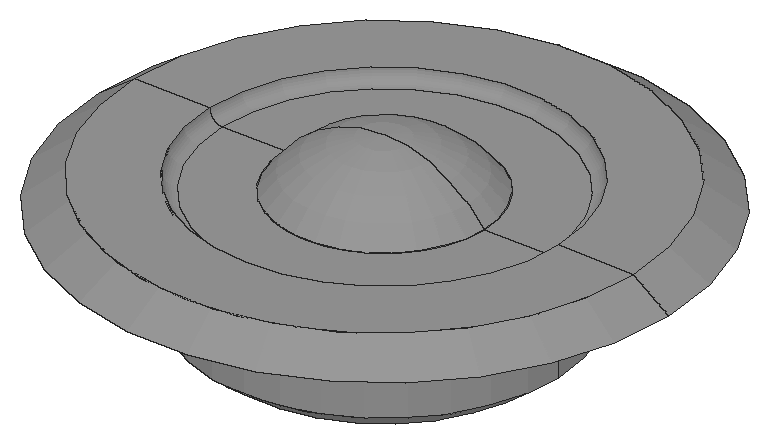
Revit family "2059461", category Lighting Fixtures, host Face, Revit 2016
Family settings
  Host = Face
  Part Type = Normal
  Round Connector Dimension = Use Diameter
  OmniClass Number = 23.80.70.00
  OmniClass Title = Lighting
  Cut with Voids When Loaded = No
  Light Source = Yes
  Shared = No
  Room Calculation Point = No
Parameters (values of type "2059461 ROUTELED II OPEN AREA DALI")
  Weight = "0.948 kg"
  Wattage Comments = ""
  Wattage = 2 W
  WarrantyStartDate [instance] = "n/a"
  WarrantyGuarantorParts = "n/a"
  WarrantyDurationUnit = "n/a"
  WarrantyDurationParts = "n/a"
  WarrantyDescription = "n/a"
  built-in parameter 1150110 = 1 (stored number, unit not read)
  Voltage = 0 V
  URL = "http://www.sylvania-lighting.com"
  TypeName = "ROUTELED II OPEN AREA DALI"
  Type Image = <None>
  Type Comments = "n/a"
  built-in parameter 1114217 = 1 (stored number, unit not read)
  Tilt Angle = -90.00°
  built-in parameter 1150109 = 1 (stored number, unit not read)
  built-in parameter 1150134 = 2
  built-in parameter 1150113 = 1 (stored number, unit not read)
  SerialNumber [instance] = "n/a"
  Photometric Web File = "2059461.ies"
  OpenArea_SYL = yes
  Material_3_SYL = LED-Sylvania
  PowerFactor = 0
  PowerConsumption = "2 W"
  NominalLength = 416 mm
  NominalHeight = 27 mm
  NominalDepth = 27 mm
  Name = "ROUTELED II OPEN AREA DALI"
  ModelReference = Name  # "ROUTELED II OPEN AREA DALI"
  ModelNumber = "2059461"
  Model = Name  # "ROUTELED II OPEN AREA DALI"
  Material = "aluminium housing"
  ManufacturerName = "Feilo Sylvania"
  Manufacturer = "Feilo Sylvania"
  LuminousEfficacy = "109.5 lm/W"
  built-in parameter 1150105 = 46.63 (stored number, unit not read)
  Lumens = 219 lm
  LuminaireType = ""
  built-in parameter 1150115 = 1 (stored number, unit not read)
  LightOutputRatio = "100"
  built-in parameter 1150137 = (empty or 0)
  built-in parameter 1150139 = (empty or 0)
  LampsType = Lamp  # "LED"
  LampNominalLuminous = "219 lm"
  LampMacAdamStep = "5"
  LampColourTemperature = "5000 K"
  LampColourRenderingIndex = "70"
  built-in parameter 1150112 = 1 (stored number, unit not read)
  built-in parameter 1150114 = 1 (stored number, unit not read)
  Lamp = "LED"
  Keynote = "16500"
  InstallationDate [instance] = "n/a"
  InputVoltage = "n/a"
  InputNominalFrequency = "n/a"
  built-in parameter 1150132 = (empty or 0)
  built-in parameter 1150102 = (empty or 0)
  built-in parameter 1150107 = 5000 (stored number, unit not read)
  built-in parameter 1150138 = (empty or 0)
  IngressProtection = "IP20"
  ImpactProtectionIndex = "IK07"
  built-in parameter 1150106 = 0.4663 (stored number, unit not read)
  IfcExportType = "IfcLightFixtureType"
  IfcExportAs = "IfcLightFixtureType"
  Emit from Circle Diameter = 16 mm
  Emit Shape Visible in Rendering = no
  ElectricShockClassification = "Class II"
  built-in parameter 1150104 = 10.173 (stored number, unit not read)
  DocumentationLiterature = "http://www.sylvania-lighting.com/product/en-int/products/2059461"
  DimmingControlOptions = "n/a"
  Material_2_SYL = Polycarbonate, Clear
  Dimming Lamp Color Temperature Shift = <None>
  Description = "Miniature self-test (DALI) emergency recessed luminaire downlight with open area optic, non-maintained 3 hr emergency, standalone unit with inverter module and rechargeable battery (NiMH), quick and easy installation with inverter module and battery pack contained in articulated case that can pass through 40mm cutout, 219lm, 3W, IK07, beam angle 148 degrees, 230V, 50-60Hz, recharge period 24 hours, Power Factor 0.45, charge current 300mA, LxWxD (mm) 416x29x26."
  Default Elevation = 1219.2 mm
  CreatedOn = "5/27/2019"
  CreatedBy = "@sylvania-lighting.com"
  Cost = 0
  Corridor_SYL = no
  Color Filter = 16777215
  built-in parameter 1114216 [instance] = (empty or 0)
  ClassificationValue = "EF_70_80"
  ClassificationName = "Uniclass2015"
  Material_1_SYL = Aluminum
  BarCode [instance] = "n/a"
  built-in parameter 1114218 = 1 (stored number, unit not read)
  built-in parameter 1150133 = 10 (stored number, unit not read)
  AssetType = "Fixed"
  AssetIdentifier [instance] = "n/a"
  Assembly Code = "D5020200"
  Apparent Load = 2 VA
  Material_4_SYL = none
Reference planes
  plane 1 "Center (Front/Back)": y = 0
  plane 2: z = 0
  plane 3 "Center (Left/Right)": x = 0
  plane 4: x = -20
  plane 5: x = -22.8
  plane 6: x = -8
  plane 7: z = 2
  plane 8: z = 1
  plane 9: x = -12
  plane 10: z = 5
  plane 11: z = -9
  plane 12: z = -7.5
  plane 13: x = -14
Forms (mm)
  Revolve 1, solid, material "Aluminum" <- "Material_1_SYL"
    sketch origin (0, 0, 0) x (1, 0, 0) y (0, 0, 1)
      loop
        line (-14, 2) -> (-20, 2) -> (-22.8, 0) -> (-14, 0) -> (-14, -7.5) -> (-12, -9) -> (0, -9) -> (0, 0) -> (-8, 0) -> (-8, 1) -> (-13, 1)
        arc (-13, 1) -> (-13.707, 1.293) -> (-14, 2) r 1
      axis (0, 2) -> (0, -9)
    angle from 360 to 0
  Revolve 2, solid, material "Polycarbonate, Clear" <- "Material_2_SYL", visible <- "OpenArea_SYL"
    sketch origin (0, 0, 0) x (1, 0, 0) y (0, 0, 1)
      loop
        arc (0, 5) -> (-4.472, 3.944) -> (-8, 1) r 10
        line (-8, 1) -> (-8, 0) -> (0, 0) -> (0, 5)
      axis (0, 5) -> (0, 0)
    angle from 360 to 0
  Revolve 3, solid, material "Polycarbonate, Clear" <- "Material_2_SYL", visible <- "Corridor_SYL"
    sketch origin (100, -4572, 1) x (0, -1, 0) y (1, 0, 0)
      loop
        arc (-4580, -100) -> (-4579.691, -101.2) -> (-4578.825, -102.087) r 2.403
        arc (-4578.825, -102.087) -> (-4575.539, -103.484) -> (-4572, -103.962) r 13.359
        arc (-4572, -103.962) -> (-4568.461, -103.484) -> (-4565.175, -102.087) r 13.359
        arc (-4565.175, -102.087) -> (-4564.309, -101.2) -> (-4564, -100) r 2.403
        line (-4564, -100) -> (-4580, -100)
      axis (-4580, -100) -> (-4564, -100)
    angle from -180 to 0
  Revolve 4, void
    sketch origin (0, 0, 0) x (1, 0, 0) y (0, 0, 1)
      loop
        line (0, -9) -> (0, 0) -> (-20, 0) -> (-20, -9) -> (0, -9)
      axis (0, 0) -> (0, -9)
    angle from 360 to 0
Cuts and joins
  Revolve 4 cuts Revolve 2
Lines and regions (mm)
  reference lines
    curve 1: arc (-2.087, 6.825, 0) -> (-3.484, 3.539, 0) -> (-3.962, 0, 0) r 13.359
    curve 2: arc (-2.087, 6.825, 0) -> (-1.2, 7.691, 0) -> (0, 8, 0) r 2.403
    curve 3: arc (-2.087, -6.825, 0) -> (-3.484, -3.539, 0) -> (-3.962, 0, 0) r 13.359
    curve 4: arc (-2.087, -6.825, 0) -> (-1.2, -7.691, 0) -> (0, -8, 0) r 2.403
Dimensions and locks
  plane 3 "Center (Left/Right)" to plane 6 to plane 4 to plane 5 = 8 mm locked, 12 mm locked, 2.8 mm locked
  locked: plane 7 to plane 2 at 2
  locked: plane 7 to plane 8 at 1
  aligned and locked: plane 2 to host face
  aligned and locked: level to host face
  aligned and locked: Revolve 1 sketch curve to plane 3 "Center (Left/Right)"
  aligned and locked: Revolve 1 sketch curve to plane 7
  aligned and locked: plane 5 to Revolve 1 sketch curve
  aligned and locked: Revolve 1 sketch curve to level  (x2)
  aligned and locked: Revolve 1 sketch curve to plane 13
  aligned and locked: plane 9 to Revolve 1 sketch curve
  aligned and locked: plane 3 "Center (Left/Right)" to Revolve 1 sketch curve  (x2)
  aligned and locked: plane 11 to Revolve 1 sketch curve
  aligned and locked: plane 8 to Revolve 1 sketch curve
  aligned and locked: Revolve 1 sketch curve to plane 6
  aligned and locked: plane 7 to Revolve 1 sketch curve
  aligned and locked: plane 13 to Revolve 1 sketch curve
  aligned and locked: Revolve 2 sketch curve to Revolve 1  (x2)
  aligned and locked: host face to Revolve 2 sketch curve  (x2)
  aligned and locked: Revolve 2 sketch curve to plane 3 "Center (Left/Right)"  (x2)
  aligned and locked: plane 3 "Center (Left/Right)" to curve 2
  aligned and locked: Revolve 3 sketch curve to plane 3 "Center (Left/Right)"  (x2)
  aligned and locked: Revolve 3 sketch curve to curve 2
  aligned and locked: Revolve 3 sketch curve to curve 1
  aligned and locked: Revolve 3 sketch curve to curve 3
  aligned and locked: Revolve 3 sketch curve to curve 4
  aligned and locked: Revolve 4 sketch curve to Revolve 1
  aligned and locked: Revolve 4 sketch curve to plane 3 "Center (Left/Right)"  (x2)
  aligned and locked: Revolve 4 sketch curve to level
  aligned and locked: plane 4 to Revolve 4 sketch curve
  aligned and locked: imposter light to plane 10
  aligned and locked: plane 3 "Center (Left/Right)" to imposter light
  aligned and locked: imposter light to plane 1 "Center (Front/Back)"
